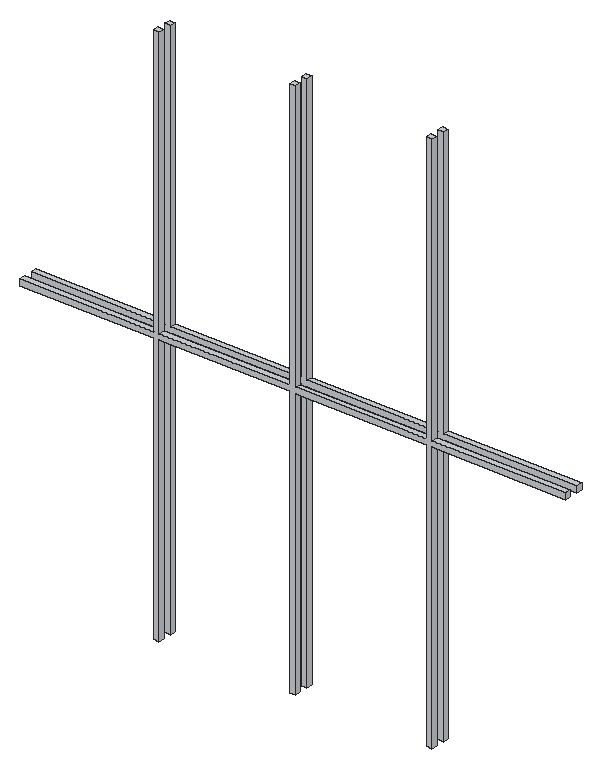
Revit family "c5fc80131ddf4e079b838f04816fdad3", category Generic Models, Revit 2021
Family settings
  Can host rebar = No
  Round Connector Dimension = Use Diameter
  Part Type = Normal
  Work Plane-Based = No
  Always vertical = Yes
  Cut with Voids When Loaded = No
  Shared = Yes
  Room Calculation Point = No
Parameters
  Width [instance] = 4' - 0"
  Thickness = 0' - 0 1/2"
  Height [instance] = 4' - 0"
  Interior Material [instance] = none
  Exterior Material [instance] = none
  Distance = 0' - 0 3/4"
  Default Elevation = 0' - 0"
Reference planes (in)
  plane 1 "Center (Front/Back)": y = 0
  plane 2: z = 0
  plane 3 "Center (Left/Right)": x = 0
  plane 4: z = 48
  plane 5: x = -24
  plane 6: x = 24
  plane 7 "a": y = 0.375
  plane 8 "b": y = -0.375
  plane 9: x = -0.25
  plane 10: x = 0.25
  plane 11: x = -12
  plane 12: x = 12
  plane 13: x = -12.25
  plane 14: x = -11.75
  plane 15: x = 11.75
  plane 16: x = 12.25
  plane 17: y = 0.875
  plane 18: y = -0.875
  plane 19: z = 24
  plane 20: z = 24.25
  plane 21: z = 23.75
Forms (in)
  Extrusion 1, solid, material <- "Exterior Material", detail levels fine
    sketch origin (0, 0.375, 0) x (-1, 0, 0) y (0, 0, 1)
      loop
        line (12.25, 48) -> (11.75, 48) -> (11.75, 24.25) -> (0.25, 24.25) -> (0.25, 48) -> (-0.25, 48) -> (-0.25, 24.25) -> (-11.75, 24.25) -> (-11.75, 48) -> (-12.25, 48) -> (-12.25, 24.25) -> (-24, 24.25) -> (-24, 23.75) -> (-12.25, 23.75) -> (-12.25, 0) -> (-11.75, 0) -> (-11.75, 23.75) -> (-0.25, 23.75) -> (-0.25, 0) -> (0.25, 0) -> (0.25, 23.75) -> (11.75, 23.75) -> (11.75, 0) -> (12.25, 0) -> (12.25, 23.75) -> (24, 23.75) -> (24, 24.25) -> (12.25, 24.25) -> (12.25, 48)
    from 0 to 0.5
  Extrusion 2, solid, material <- "Interior Material", detail levels fine
    sketch origin (0, -0.375, 0) x (-1, 0, 0) y (0, 0, 1)
      loop
        line (12.25, 48) -> (11.75, 48) -> (11.75, 24.25) -> (0.25, 24.25) -> (0.25, 48) -> (-0.25, 48) -> (-0.25, 24.25) -> (-11.75, 24.25) -> (-11.75, 48) -> (-12.25, 48) -> (-12.25, 24.25) -> (-24, 24.25) -> (-24, 23.75) -> (-12.25, 23.75) -> (-12.25, 0) -> (-11.75, 0) -> (-11.75, 23.75) -> (-0.25, 23.75) -> (-0.25, 0) -> (0.25, 0) -> (0.25, 23.75) -> (11.75, 23.75) -> (11.75, 0) -> (12.25, 0) -> (12.25, 23.75) -> (24, 23.75) -> (24, 24.25) -> (12.25, 24.25) -> (12.25, 48)
    from 0 to -0.5
Lines and regions (in)
  model lines, detail levels medium
    curve 1: line (0, 0.375, 48) -> (0, 0.375, 0)
    curve 2: line (-12, 0.375, 48) -> (-12, 0.375, 0)
    curve 3: line (12, 0.375, 48) -> (12, 0.375, 0)
    curve 4: line (0, -0.375, 48) -> (0, -0.375, 0)
    curve 5: line (-12, -0.375, 48) -> (-12, -0.375, 0)
    curve 6: line (12, -0.375, 48) -> (12, -0.375, 0)
    curve 7: line (-24, 0.375, 24) -> (24, 0.375, 24)
    curve 8: line (-24, -0.375, 24) -> (24, -0.375, 24)
Dimensions and locks (in)
  equal spacing: plane 6, plane 3 "Center (Left/Right)", plane 5
  "Width": plane 6 to plane 5
  "Height": plane 4 to plane 2
  equal spacing: plane 7 "a", plane 1 "Center (Front/Back)", plane 8 "b"
  "Distance": plane 7 "a" to plane 8 "b"
  equal spacing: plane 3 "Center (Left/Right)", plane 11, plane 5
  equal spacing: plane 6, plane 12, plane 3 "Center (Left/Right)"
  locked: plane 9 to plane 3 "Center (Left/Right)" at 0.25
  locked: plane 10 to plane 3 "Center (Left/Right)" at 0.25
  locked: plane 11 to plane 13 at 0.25
  locked: plane 14 to plane 11 at 0.25
  locked: plane 12 to plane 15 at 0.25
  locked: plane 16 to plane 12 at 0.25
  "Thickness": plane 17 to plane 7 "a"
  "Thickness": plane 8 "b" to plane 18
  locked: plane 20 to plane 19 at 0.25
  locked: plane 19 to plane 21 at 0.25
  equal spacing: plane 4, plane 19, plane 2
  aligned and locked: plane 2 to level
  aligned and locked: plane 4 to curve 1
  aligned and locked: plane 2 to curve 1
  aligned and locked: plane 13 to Extrusion 1 sketch curve
  aligned and locked: plane 4 to Extrusion 1 sketch curve  (x3)
  aligned and locked: plane 14 to Extrusion 1 sketch curve
  aligned and locked: plane 2 to Extrusion 1 sketch curve  (x3)
  aligned and locked: plane 9 to Extrusion 1 sketch curve
  aligned and locked: plane 10 to Extrusion 1 sketch curve
  aligned and locked: plane 15 to Extrusion 1 sketch curve
  aligned and locked: plane 16 to Extrusion 1 sketch curve
  aligned and locked: plane 11 to curve 2
  aligned and locked: plane 12 to curve 3
  aligned and locked: plane 2 to curve 2
  aligned and locked: plane 2 to curve 3
  aligned and locked: plane 4 to curve 3
  aligned and locked: plane 4 to curve 2
  aligned and locked: Extrusion 1 to plane 17
  aligned and locked: Extrusion 2 to plane 18
  aligned and locked: plane 20 to Extrusion 2 sketch curve
  aligned and locked: plane 21 to Extrusion 2 sketch curve
  aligned and locked: plane 5 to Extrusion 2 sketch curve
  aligned and locked: plane 6 to Extrusion 2 sketch curve
  aligned and locked: plane 5 to Extrusion 1 sketch curve
  aligned and locked: plane 20 to Extrusion 1 sketch curve
  aligned and locked: plane 21 to Extrusion 1 sketch curve
  aligned and locked: plane 6 to Extrusion 1 sketch curve
  aligned and locked: plane 19 to curve 7
  aligned and locked: plane 6 to curve 7
  aligned and locked: plane 5 to curve 7
  aligned and locked: plane 19 to curve 8
  aligned and locked: plane 6 to curve 8
  aligned and locked: plane 5 to curve 8
Automatic sketch dimensions
  curve 1 to plane 3 "Center (Left/Right)" = 0' - 0"
  Extrusion 2 sketch curve to plane 4 = 0' - 0"  (x3)
  Extrusion 2 sketch curve to plane 16 = 0' - 0"  (x2)
  Extrusion 2 sketch curve to plane 15 = 0' - 0"  (x2)
  Extrusion 2 sketch curve to level = 0' - 0"  (x3)
  plane 10 to Extrusion 2 sketch curve = 0' - 0"  (x2)
  plane 9 to Extrusion 2 sketch curve = 0' - 0"  (x2)
  Extrusion 2 sketch curve to plane 14 = 0' - 0"  (x2)
  Extrusion 2 sketch curve to plane 13 = 0' - 0"  (x2)
  curve 6 to level = 0' - 0"
  curve 6 to plane 12 = 0' - 0"
  curve 4 to level = 0' - 0"
  curve 4 to plane 3 "Center (Left/Right)" = 0' - 0"
  curve 5 to level = 0' - 0"
  curve 5 to plane 11 = 0' - 0"
  curve 6 to plane 4 = 0' - 0"
  curve 5 to plane 4 = 0' - 0"
  curve 4 to plane 4 = 0' - 0"
  Extrusion 2 sketch curve to plane 20 = 0' - 0"  (x3)
  Extrusion 2 sketch curve to plane 21 = 0' - 0"  (x3)
  Extrusion 1 sketch curve to plane 16 = 0' - 0"
  Extrusion 1 sketch curve to plane 21 = 0' - 0"  (x3)
  Extrusion 1 sketch curve to plane 20 = 0' - 0"  (x3)
  Extrusion 1 sketch curve to plane 15 = 0' - 0"
  plane 10 to Extrusion 1 sketch curve = 0' - 0"
  plane 9 to Extrusion 1 sketch curve = 0' - 0"
  Extrusion 1 sketch curve to plane 14 = 0' - 0"
  Extrusion 1 sketch curve to plane 13 = 0' - 0"
